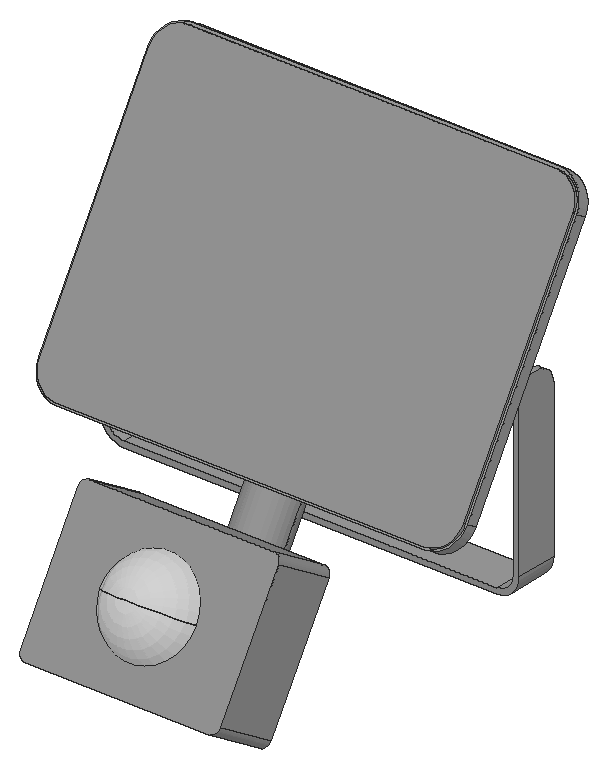
Revit family "0047967 Sylvania Lighting Fixture START eco Flood Flat IP54 PIR 2800lm 840", category Lighting Fixtures, host Face, Revit 2016
Family settings
  Host = Face
  Part Type = Normal
  Round Connector Dimension = Use Diameter
  OmniClass Number = 23.80.70.00
  OmniClass Title = Lighting
  Cut with Voids When Loaded = No
  Light Source = No
  Shared = No
  Room Calculation Point = No
Parameters (values of type "0047967 ST E FLD FLT IP54 PIR 2800LM 840")
  WidthBracketIn_SYL = if([10W_SYL], 102.2 mm, if([30W_SYL], 143.3 mm, if([50W_SYL], 181 mm, 262.8 mm)))  # 143.3 mm
  Weight = "4.88 kg"
  Wattage Comments = ""
  WarrantyStartDate [instance] = "n/a"
  WarrantyGuarantorParts = "n/a"
  WarrantyDurationUnit = "n/a"
  WarrantyDurationParts = "n/a"
  WarrantyDescription = "n/a"
  Voltage = 0 V
  URL = "http://www.sylvania-lighting.com"
  TypeName = "START eco Flood Flat IP54 PIR 2800lm 840"
  TypeLight_SYL = START eco Flood Flat Lamp : 0047967 ST E FLD FLT IP54 PIR 2800LM 840
  Type Image = <None>
  Type Comments = "n/a"
  ThicknessBracket_SYL = if([10W_SYL], 1.5 mm, 2 mm)  # 2 mm
  SerialNumber [instance] = "n/a"
  RotationAngle_SYL [instance] = 32.00°
  RadiusBracket_SYL = if([10W_SYL], 7.7 mm, if([30W_SYL], 8 mm, if([50W_SYL], 17 mm, 14 mm)))  # 8 mm
  RadiusBracketIn_SYL = RadiusBracket_SYL - ThicknessBracket_SYL  # 6 mm
  OffsetAxis_SYL = DepthBracket_SYL / 2  # 7.5 mm
  PowerFactor = 0.9
  PowerConsumption = "31 W"
  NominalLength = 156 mm
  NominalHeight = 67 mm
  NominalDepth = 178 mm
  Name = "START eco Flood Flat IP54 PIR 2800lm 840"
  ModelReference = Name  # "START eco Flood Flat IP54 PIR 2800lm 840"
  ModelNumber = "0047967"
  Model = Name  # "START eco Flood Flat IP54 PIR 2800lm 840"
  Material = "adc12 housing"
  ManufacturerName = "Feilo Sylvania"
  Manufacturer = "Feilo Sylvania"
  LuminousEfficacy = "92 lm/W"
  LuminaireType = ""
  LightOutputRatio = "n/a"
  LampsType = Lamp  # "LED"
  LampNominalLuminous = "2850 lm"
  LampMacAdamStep = "n/a"
  LampColourTemperature = "4000 K"
  LampColourRenderingIndex = "80"
  Lamp = "LED"
  Keynote = "16500"
  InstallationDate [instance] = "n/a"
  InputVoltage = "n/a"
  InputNominalFrequency = "n/a"
  IngressProtection = "IP54"
  ImpactProtectionIndex = "IK05"
  IfcExportType = "IfcLightFixtureType"
  IfcExportAs = "IfcLightFixtureType"
  HeightBracket_SYL = if([10W_SYL], 55 mm, if([30W_SYL], 70 mm, if([50W_SYL], 110 mm, 141 mm)))  # 70 mm
  ExpectedLife = 30000
  EndAngle_SYL [instance] = RotationAngle_SYL + 180.00°  # 212.00°
  ElectricShockClassification = "Class I"
  DurationUnit = "hours"
  DocumentationLiterature = "http://www.sylvania-lighting.com/product/en-int/products/0047967"
  DimmingControlOptions = "n/a"
  Description = "The new Start eco Flood Flat comes with improved design. The streamlined, durable, lightweight die-cast aluminium body makes it a perfect choice for building facades, car parks, garages and construction areas. The product includes 1 m pre-wired stripped cable and fitting bracket for quick and easy installation and the universal mounting bracket allows wall or surface mounting with the possibility of vertical tilting. Black die-cast aluminum housing, white reflector, 2850 lm, 31 W, 92 lm/W, 4000K, drive current 116 mA, non dimmable, CRI>80, IP54, IK06 - fixture, IK05 - sensor, Class I, lumen maintenance L70:B50: 30000 hrs, 156 x 178 x 67 mm (L x W x H). Weight: 0.61kg.  PIR sensor included. Energy class: A++ A+ A."
  DepthBracket_SYL = if([10W_SYL], 15 mm, if([30W_SYL], 15 mm, if([50W_SYL], 17 mm, 25 mm)))  # 15 mm
  Default Elevation = 1219.2 mm
  CreatedOn = "10/8/2018"
  CreatedBy = "@sylvania-lighting.com"
  Cost = 0
  built-in parameter 1114216 [instance] = (empty or 0)
  ClassificationValue = "EF_70_80"
  ClassificationName = "Uniclass2015"
  Material_1_SYL = Body-Sylvania-FloodFlat-Black
  BarCode [instance] = "n/a"
  AssetType = "Fixed"
  AssetIdentifier [instance] = "n/a"
  Assembly Code = "D5020200"
  Apparent Load = 31 VA
  50W_SYL = no
  30W_SYL = yes
  10W_SYL = no
Reference planes
  plane 1 "Center (Front/Back)": y = 0
  plane 2: z = 0
  plane 3 "Center (Left/Right)": x = 0
  plane 4: x = -73.65
  plane 5: x = 73.65
  plane 6: z = 70
  plane 7: z = 62.5
  plane 8: x = -71.65
  plane 9: x = 71.65
  plane 10: z = 2
  plane 11: y = 7.5
  plane 12: y = -7.5
  plane 13: x = -65.65
  plane 14: z = 8
  plane 15: x = 65.65
  plane 16: y = -9.5
  plane 17: z = 72
  plane 18: y = 9.5
Forms (mm)
  Extrusion 1, solid, material "Body-Sylvania-FloodFlat-Black" <- "Material_1_SYL"
    sketch origin (0, 0, 0) x (1, 0, 0) y (0, 0, 1)
      loop
        line (-71.65, 70) -> (-73.65, 70) -> (-73.65, 8)
        arc (-73.65, 8) -> (-71.307, 2.343) -> (-65.65, 0) r 8
        line (-65.65, 0) -> (65.65, 0)
        arc (65.65, 0) -> (71.307, 2.343) -> (73.65, 8) r 8
        line (73.65, 8) -> (73.65, 70) -> (71.65, 70) -> (71.65, 8)
        arc (71.65, 8) -> (69.893, 3.757) -> (65.65, 2) r 6
        line (65.65, 2) -> (-65.65, 2)
        arc (-65.65, 2) -> (-69.893, 3.757) -> (-71.65, 8) r 6
        line (-71.65, 8) -> (-71.65, 70)
    from -7.5 to 7.5
  Extrusion 2, void
    sketch origin (0, 0, 0) x (0, 1, 0) y (0, 0, 1)
      loop
        line (7.5, 62.5) -> (9.5, 62.5) -> (9.5, 72) -> (-9.5, 72) -> (-9.5, 62.5) -> (-7.5, 62.5)
        arc (-7.5, 62.5) -> (0, 70) -> (7.5, 62.5) r 7.5
    from -73.65 to 73.65
  Revolve 3, solid, not visible
    sketch origin (0, 0, 0) x (1, 0, 0) y (0, 0, 1)
      loop
        line (0, 62.5) -> (0, 70) -> (-12.336, 70) -> (-12.336, 62.5) -> (0, 62.5)
      axis (0, 62.5) -> (-12.336, 62.5)
    angle from 32 <- "RotationAngle_SYL" to 212 <- "EndAngle_SYL"
Cuts and joins
  Extrusion 2 cuts Extrusion 1
Dimensions and locks
  equal spacing: plane 9, plane 3 "Center (Left/Right)", plane 8
  "WidthBracketIn_SYL": plane 9 to plane 8
  "ThicknessBracket_SYL": plane 8 to plane 4
  "ThicknessBracket_SYL": plane 5 to plane 9
  "ThicknessBracket_SYL": plane 10 to plane 2
  equal spacing: plane 12, plane 1 "Center (Front/Back)", plane 11
  "DepthBracket_SYL": plane 12 to plane 11
  "OffsetAxis_SYL": plane 7 to plane 6
  "HeightBracket_SYL": plane 6 to plane 2
  "RadiusBracket_SYL": plane 14 to plane 2
  equal spacing: plane 15, plane 3 "Center (Left/Right)", plane 13
  "RadiusBracket_SYL": plane 13 to plane 4
  equal spacing: plane 16, plane 1 "Center (Front/Back)", plane 18
  locked: plane 16 to plane 12 at 2
  locked: plane 6 to plane 17 at 2
  "RadiusBracket_SYL": radius of Extrusion 1 sketch curve  (x2)
  "RadiusBracketIn_SYL": radius of Extrusion 1 sketch curve  (x2)
  aligned and locked: plane 2 to host face
  aligned and locked: level to host face
  aligned and locked: Extrusion 1 sketch curve to plane 6  (x2)
  aligned and locked: Extrusion 1 sketch curve to plane 4
  aligned and locked: plane 5 to Extrusion 1 sketch curve
  aligned and locked: Extrusion 1 sketch curve to plane 9
  aligned and locked: Extrusion 1 sketch curve to plane 2
  aligned and locked: plane 13 to Extrusion 1 sketch curve
  aligned and locked: plane 14 to Extrusion 1 sketch curve  (x2)
  aligned and locked: plane 15 to Extrusion 1 sketch curve
  aligned and locked: Extrusion 1 to plane 11
  aligned and locked: plane 12 to Extrusion 1
  aligned and locked: plane 11 to Extrusion 2 sketch curve
  aligned and locked: plane 1 "Center (Front/Back)" to Extrusion 2 sketch curve
  aligned and locked: plane 7 to Extrusion 2 sketch curve
  aligned and locked: plane 17 to Extrusion 2 sketch curve
  aligned and locked: plane 18 to Extrusion 2 sketch curve
  aligned and locked: Extrusion 2 sketch curve to plane 16
  aligned and locked: Extrusion 2 sketch curve to plane 7  (x2)
  aligned and locked: plane 5 to Extrusion 2
  aligned and locked: Extrusion 2 to plane 4
  aligned and locked: Revolve 3 sketch curve to plane 7  (x2)
  aligned and locked: Revolve 3 sketch curve to plane 3 "Center (Left/Right)"
  aligned and locked: plane 6 to Revolve 3 sketch curve
  aligned and locked: plane 3 "Center (Left/Right)" to nested 1
Automatic sketch dimensions
  host sketch curve to host sketch curve = 2438.4 mm  (x2)
  Revolve 3 sketch curve to plane 3 "Center (Left/Right)" = 12.336 mm
  Revolve 3 sketch curve to plane 4 = 1122.5 mm
  plane 5 to Revolve 3 sketch curve = 1130.9 mm
Nested families
  nested 1: "START eco Flood Flat Lamp" at (0, 3.021, 67.334) x (1, 0, 0) z (0, -0.848, 0.5299), type <- "TypeLight_SYL", type "0047967 ST E FLD FLT IP54 PIR 2800LM 840"
    with built-in parameter 1114216 (empty or 0)
Connectors
  electrical at (0, 0, 0), driven by "Apparent Load", driven by "PowerFactor", driven by "Voltage"
    settings: index 1, voltage 0 V, apparent load 31 VA, apparent load phase1 0 VA, apparent load phase2 0 VA, apparent load phase3 0 VA, power factor 0.9, load classification "Lighting", number of poles 1, system type 30, power factor state 1, is connector primary yes, connector utility no, sub classification motor no, connector description ""
Definition of nested family "START eco Flood Flat Lamp"
  Parameters (values of type "0047977 ST E FLD FLT IP65 9000LM 840")
    Width_SYL = if([10W_SYL], 110 mm, if([30W_SYL], 151 mm, if([50W_SYL], 189 mm, 275 mm)))  # 275 mm
    WidthLEDBoard_SYL = if([10W_SYL], 40 mm, if([30W_SYL], 83 mm, if([50W_SYL], 80 mm, 180 mm)))  # 180 mm
    WidthVignette_SYL = if([10W_SYL], 78.6 mm, if([30W_SYL], 120 mm, if([50W_SYL], 157 mm, 226 mm)))  # 226 mm
    WidthBoltHousing_SYL = 4 * OffsetBoltHousing_SYL  # 24.5 mm
    Wattage Comments = "n/a"
    Wattage = 100 W
    built-in parameter 1150110 = 1 (stored number, unit not read)
    URL = "http://www.sylvania-lighting.com"
    Type Image = (empty or 0)
    Type Comments = "n/a"
    built-in parameter 1114217 = 1 (stored number, unit not read)
    Tilt Angle = -90.00°
    ThicknessScreen_SYL = if([10W_SYL], 5 mm, if([30W_SYL], 5.2 mm, if([50W_SYL], 5.4 mm, 6.1 mm)))  # 6.1 mm
    ThicknessDiffuser_SYL = 0.8 mm  # constant formula
    built-in parameter 1150109 = 1 (stored number, unit not read)
    built-in parameter 1150134 = 12
    built-in parameter 1150113 = 1 (stored number, unit not read)
    RotationAxisFromTop_SYL = if([10W_SYL], 48.8 mm, if([30W_SYL], 61.7 mm, if([50W_SYL], 91.3 mm, 133.4 mm)))  # 133.4 mm
    RadiusLEDBoard_SYL = if([10W_SYL], 1.5 mm, if([30W_SYL], 2 mm, if([50W_SYL], 1.9 mm, 3.7 mm)))  # 3.7 mm
    RadiusDiffuser_SYL = RadiusCorners_SYL - ThicknessDiffuser_SYL  # 13.4 mm
    RadiusCorners_SYL = if([10W_SYL], 10.5 mm, if([30W_SYL], 10.7 mm, if([50W_SYL], 10.7 mm, 14.2 mm)))  # 14.2 mm
    RadiusBoltHousing_SYL = if([10W_SYL], 4.1 mm, if([30W_SYL], 4.9 mm, if([50W_SYL], 5 mm, 8.1 mm)))  # 8.1 mm
    RadiusBack_SYL = RadiusCorners_SYL - OffsetXBack_SYL / 3  # 10.117 mm
    RadiusBackB_SYL = RadiusBack_SYL - OffsetXBackB_SYL  # 7.054 mm
    Photometric Web File = "0047977.ies"
    PIR_SYL = no
    PIRHolderRadius_SYL = PIRBaseFillet_SYL + 2 mm  # 11 mm
    PIRFillet_SYL = 3 mm  # constant formula
    PIRBaseWidth_SYL = 38 mm
    PIRBaseFillet_SYL = PIRBaseDepth_SYL / 2  # 9 mm
    PIRBaseDepth_SYL = 18 mm
    OffsetYBack_SYL = (Height_SYL - HeightVignette_SYL) / 4  # 11 mm
    OffsetYBackB_SYL = OffsetYBack_SYL / 4  # 2.75 mm
    OffsetXBack_SYL = (Width_SYL - WidthVignette_SYL) / 4  # 12.25 mm
    OffsetXBackB_SYL = OffsetXBack_SYL / 4  # 3.063 mm
    OffsetBoltHousing_SYL = OffsetXBack_SYL / 2  # 6.125 mm
    Material_7_SYL = none
    Material_6_SYL = none
    Material_5_SYL = none
    Material_3_SYL = none
    Model = "START eco Flood Flat IP65 9000lm 840"
    Manufacturer = "Feilo Sylvania"
    built-in parameter 1150105 = 3437 (stored number, unit not read)
    Lumens = 9500 lm
    built-in parameter 1150115 = 1 (stored number, unit not read)
    built-in parameter 1150137 = (empty or 0)
    built-in parameter 1150139 = (empty or 0)
    built-in parameter 1150112 = 1 (stored number, unit not read)
    built-in parameter 1150114 = 1 (stored number, unit not read)
    Lamp = "LED"
    Keynote = "16500"
    Material_2_SYL = none
    InsertionPlaneFromTop_SYL = if([10W_SYL], 15.1 mm, if([30W_SYL], 14.5 mm, if([50W_SYL], 14.8 mm, 19.3 mm)))  # 19.3 mm
    built-in parameter 1150132 = (empty or 0)
    built-in parameter 1150102 = (empty or 0)
    built-in parameter 1150107 = 4000 (stored number, unit not read)
    built-in parameter 1150138 = (empty or 0)
    built-in parameter 1150106 = 34.37 (stored number, unit not read)
    Height_SYL = if([10W_SYL], 81.6 mm, if([30W_SYL], 112 mm, if([50W_SYL], 140.5 mm, 211 mm)))  # 211 mm
    HeightVignette_SYL = if([10W_SYL], 50 mm, if([30W_SYL], 81 mm, if([50W_SYL], 110 mm, 167 mm)))  # 167 mm
    HeightLEDBoard_SYL = if([10W_SYL], 25 mm, if([30W_SYL], 39 mm, if([50W_SYL], 56 mm, 132 mm)))  # 132 mm
    Emit from Rectangle Width = HeightVignette_SYL - 2 * RadiusVignette_SYL  # 146.2 mm
    Emit from Rectangle Length = WidthVignette_SYL - 2 * RadiusVignette_SYL  # 205.2 mm
    Emit Shape Visible in Rendering = no
    built-in parameter 1150104 = 8.8258 (stored number, unit not read)
    Dimming Lamp Color Temperature Shift = (empty or 0)
    DepthLEDBoard_SYL = (ThicknessScreen_SYL + DepthBack_SYL) / 9  # 2.289 mm
    DepthBack_SYL = if([10W_SYL], 10.2 mm, if([30W_SYL], 14.7 mm, if([50W_SYL], 16.9 mm, 14.5 mm)))  # 14.5 mm
    RadiusVignette_SYL = if([10W_SYL], 4.1 mm, if([30W_SYL], 4.1 mm, if([50W_SYL], 4.1 mm, 10.4 mm)))  # 10.4 mm
    Description = "The new Start eco Flood Flat comes with improved design. The streamlined, durable, lightweight die-cast aluminium body makes it a perfect choice for building facades, car parks, garages and construction areas. The product includes 1 m pre-wired stripped cable and fitting bracket for quick and easy installation and the universal mounting bracket allows wall or surface mounting with the possibility of vertical tilting. Black die-cast aluminum housing, white reflector, 9500 lm, 100 W, 95 lm/W, 4000K, drive current 386 mA, non dimmable, CRI>80, IP65, IK07, Class I, lumen maintenance L70:B50: 30000 hrs, 283 x 263 x 44 mm (L x W x H). Weight: 1.775kg. Energy class: A++ A+ A."
    DepthReflector_SYL = (ThicknessScreen_SYL + DepthBack_SYL) / 2  # 10.3 mm
    Default Elevation = 1219.2 mm
    Cost = 0
    Color Filter = 16777215
    built-in parameter 1114216 [instance] = (empty or 0)
    Material_1_SYL = none
    built-in parameter 1114218 = 1 (stored number, unit not read)
    built-in parameter 1150133 = 10 (stored number, unit not read)
    Assembly Code = "D5020200"
    Apparent Load = 100 VA
    Material_4_SYL = none
    50W_SYL = no
    30W_SYL = no
    10W_SYL = no
  Types (16, lengths in mm): name | Width_SYL | WidthLEDBoard_SYL | WidthVignette_SYL | WidthBoltHousing_SYL | Wattage | ThicknessScreen_SYL | built-in parameter 1150134 | RotationAxisFromTop_SYL | RadiusLEDBoard_SYL | RadiusDiffuser_SYL | RadiusCorners_SYL | RadiusBoltHousing_SYL | RadiusBack_SYL | RadiusBackB_SYL | Photometric Web File | PIR_SYL | OffsetYBack_SYL | OffsetYBackB_SYL | OffsetXBack_SYL | OffsetXBackB_SYL | OffsetBoltHousing_SYL | Model | built-in parameter 1150105 | Lumens | InsertionPlaneFromTop_SYL | built-in parameter 1150107 | built-in parameter 1150106 | Height_SYL | HeightVignette_SYL | HeightLEDBoard_SYL | Emit from Rectangle Width | Emit from Rectangle Length | built-in parameter 1150104 | DepthLEDBoard_SYL | DepthBack_SYL | RadiusVignette_SYL | Description | DepthReflector_SYL | Apparent Load | 50W_SYL | 30W_SYL | 10W_SYL
    0047977 ST E FLD FLT IP65 9000LM 840 | 275 | 180 | 226 | 24.5 | 100 W | 6.1 | 12 | 133.4 | 3.7 | 13.4 | 14.2 | 8.1 | 10.117 | 7.054 | "0047977.ies" | no | 11 | 2.75 | 12.25 | 3.063 | 6.125 | "START eco Flood Flat IP65 9000lm 840" | 3437 (stored number, unit not read) | 9500 lm | 19.3 | 4000 (stored number, unit not read) | 34.37 (stored number, unit not read) | 211 | 167 | 132 | 146.2 | 205.2 | 8.8258 (stored number, unit not read) | 2.289 | 14.5 | 10.4 | "The new Start eco Flood Flat comes with improved design. The streamlined, durable, lightweight die-cast aluminium body makes it a perfect choice for building facades, car parks, garages and construction areas. The product includes 1 m pre-wired stripped cable and fitting bracket for quick and easy installation and the universal mounting bracket allows wall or surface mounting with the possibility of vertical tilting. Black die-cast aluminum housing, white reflector, 9500 lm, 100 W, 95 lm/W, 4000K, drive current 386 mA, non dimmable, CRI>80, IP65, IK07, Class I, lumen maintenance L70:B50: 30000 hrs, 283 x 263 x 44 mm (L x W x H). Weight: 1.775kg. Energy class: A++ A+ A." | 10.3 | 100 VA | no | no | no
    0047976 ST E FLD FLT IP65 9000LM 830 | 275 | 180 | 226 | 24.5 | 100 W | 6.1 | (empty or 0) | 133.4 | 3.7 | 13.4 | 14.2 | 8.1 | 10.117 | 7.054 | "0047976.ies" | no | 11 | 2.75 | 12.25 | 3.063 | 6.125 | "START eco Flood Flat IP65 9000lm 830" | 3256.1 (stored number, unit not read) | 9000 lm | 19.3 | 3000 (stored number, unit not read) | 32.561 (stored number, unit not read) | 211 | 167 | 132 | 146.2 | 205.2 | 8.3613 (stored number, unit not read) | 2.289 | 14.5 | 10.4 | "The new Start eco Flood Flat comes with improved design. The streamlined, durable, lightweight die-cast aluminium body makes it a perfect choice for building facades, car parks, garages and construction areas. The product includes 1 m pre-wired stripped cable and fitting bracket for quick and easy installation and the universal mounting bracket allows wall or surface mounting with the possibility of vertical tilting. Black die-cast aluminum housing, white reflector, 9000 lm, 100 W, 90 lm/W, 3000K, drive current 386 mA, non dimmable, CRI>80, IP65, IK07, Class I, lumen maintenance L70:B50: 30000 hrs, 283 x 263 x 44 mm (L x W x H). Weight: 1.775kg. Energy class: A++ A+ A." | 10.3 | 100 VA | no | no | no
    0047973 ST E FLD FLT IP65 6500LM 840 | 275 | 180 | 226 | 24.5 | 70 W | 6.1 | 12 | 133.4 | 3.7 | 13.4 | 14.2 | 8.1 | 10.117 | 7.054 | "0047973.ies" | no | 11 | 2.75 | 12.25 | 3.063 | 6.125 | "START eco Flood Flat IP65 6500lm 840" | 2460.1 (stored number, unit not read) | 6650 lm | 19.3 | 4000 (stored number, unit not read) | 24.601 (stored number, unit not read) | 211 | 167 | 132 | 146.2 | 205.2 | 8.8258 (stored number, unit not read) | 2.289 | 14.5 | 10.4 | "The new Start eco Flood Flat comes with improved design. The streamlined, durable, lightweight die-cast aluminium body makes it a perfect choice for building facades, car parks, garages and construction areas. The product includes 1 m pre-wired stripped cable and fitting bracket for quick and easy installation and the universal mounting bracket allows wall or surface mounting with the possibility of vertical tilting. Black die-cast aluminum housing, white reflector, 6650 lm, 70 W, 95 lm/W, 4000K, drive current 270 mA, non dimmable, CRI>80, IP65, IK07, Class I, lumen maintenance L70:B50: 30000 hrs, 283 x 263 x 44 mm (L x W x H). Weight: 1.775kg. Energy class: A++ A+ A." | 10.3 | 70 VA | no | no | no
    0047972 ST E FLD FLT IP65 6500LM 830 | 275 | 180 | 226 | 24.5 | 70 W | 6.1 | (empty or 0) | 133.4 | 3.7 | 13.4 | 14.2 | 8.1 | 10.117 | 7.054 | "0047972.ies" | no | 11 | 2.75 | 12.25 | 3.063 | 6.125 | "START eco Flood Flat IP65 6500lm 830" | 2330.6 (stored number, unit not read) | 6300 lm | 19.3 | 3000 (stored number, unit not read) | 23.306 (stored number, unit not read) | 211 | 167 | 132 | 146.2 | 205.2 | 8.3613 (stored number, unit not read) | 2.289 | 14.5 | 10.4 | "The new Start eco Flood Flat comes with improved design. The streamlined, durable, lightweight die-cast aluminium body makes it a perfect choice for building facades, car parks, garages and construction areas. The product includes 1 m pre-wired stripped cable and fitting bracket for quick and easy installation and the universal mounting bracket allows wall or surface mounting with the possibility of vertical tilting. Black die-cast aluminum housing, white reflector, 6300 lm, 70 W, 90 lm/W, 3000K, drive current 270 mA, non dimmable, CRI>80, IP65, IK07, Class I, lumen maintenance L70:B50: 30000 hrs, 283 x 263 x 44 mm (L x W x H). Weight: 1.775kg. Energy class: A++ A+ A." | 10.3 | 70 VA | no | no | no
    0047971 ST E FLD FLT IP54 PIR 4500LM 840 | 189 | 80 | 157 | 16 | 51 W | 5.4 | 12 | 91.3 | 1.9 | 9.9 | 10.7 | 5 | 8.033 | 6.033 | "0047971.ies" | yes | 7.625 | 1.906 | 8 | 2 | 4 | "START eco Flood Flat IP54 PIR 4500lm 840" | 1695.8 (stored number, unit not read) | 4743 lm | 14.8 | 4000 (stored number, unit not read) | 16.958 (stored number, unit not read) | 140.5 | 110 | 56 | 101.8 | 148.8 | 8.64 (stored number, unit not read) | 2.478 | 16.9 | 4.1 | "The new Start eco Flood Flat comes with improved design. The streamlined, durable, lightweight die-cast aluminium body makes it a perfect choice for building facades, car parks, garages and construction areas. The product includes 1 m pre-wired stripped cable and fitting bracket for quick and easy installation and the universal mounting bracket allows wall or surface mounting with the possibility of vertical tilting. Black die-cast aluminum housing, white reflector, 4750 lm, 51 W, 93 lm/W, 4000K, drive current 193 mA, non dimmable, CRI>80, IP54, IK07 - fixture, IK05 - sensor, Class I, lumen maintenance L70:B50: 30000 hrs, 193 x 216 x 70 mm (L x W x H). Weight: 0.85kg.  PIR sensor included. Energy class: A++ A+ A." | 11.15 | 51 VA | yes | no | no
    0047970 ST E FLD FLT IP54 PIR 4500LM 830 | 189 | 80 | 157 | 16 | 51 W | 5.4 | (empty or 0) | 91.3 | 1.9 | 9.9 | 10.7 | 5 | 8.033 | 6.033 | "0047970.ies" | yes | 7.625 | 1.906 | 8 | 2 | 4 | "START eco Flood Flat IP54 PIR 4500lm 830" | 1604.6 (stored number, unit not read) | 4488 lm | 14.8 | 3000 (stored number, unit not read) | 16.046 (stored number, unit not read) | 140.5 | 110 | 56 | 101.8 | 148.8 | 8.1755 (stored number, unit not read) | 2.478 | 16.9 | 4.1 | "The new Start eco Flood Flat comes with improved design. The streamlined, durable, lightweight die-cast aluminium body makes it a perfect choice for building facades, car parks, garages and construction areas. The product includes 1 m pre-wired stripped cable and fitting bracket for quick and easy installation and the universal mounting bracket allows wall or surface mounting with the possibility of vertical tilting. Black die-cast aluminum housing, white reflector, 4500 lm, 51 W, 88 lm/W, 3000K, drive current 193 mA, non dimmable, CRI>80, IP54, IK07 - fixture, IK05 - sensor, Class I, lumen maintenance L70:B50: 30000 hrs, 193 x 216 x 70 mm (L x W x H). Weight: 0.85kg.  PIR sensor included. Energy class: A++ A+ A." | 11.15 | 51 VA | yes | no | no
    0047969 ST E FLD FLT IP65 4500LM 840 | 189 | 80 | 157 | 16 | 50 W | 5.4 | 12 | 91.3 | 1.9 | 9.9 | 10.7 | 5 | 8.033 | 6.033 | "0047969.ies" | no | 7.625 | 1.906 | 8 | 2 | 4 | "START eco Flood Flat IP65 4500lm 840" | 1698.3 (stored number, unit not read) | 4750 lm | 14.8 | 4000 (stored number, unit not read) | 16.983 (stored number, unit not read) | 140.5 | 110 | 56 | 101.8 | 148.8 | 8.8258 (stored number, unit not read) | 2.478 | 16.9 | 4.1 | "The new Start eco Flood Flat comes with improved design. The streamlined, durable, lightweight die-cast aluminium body makes it a perfect choice for building facades, car parks, garages and construction areas. The product includes 1 m pre-wired stripped cable and fitting bracket for quick and easy installation and the universal mounting bracket allows wall or surface mounting with the possibility of vertical tilting. Black die-cast aluminum housing, white reflector, 4750 lm, 50 W, 95 lm/W, 4000K, drive current 193 mA, non dimmable, CRI>80, IP65, IK07, Class I, lumen maintenance L70:B50: 30000 hrs, 193 x 190 x 48 mm (L x W x H). Weight: 0.785kg. Energy class: A++ A+ A." | 11.15 | 50 VA | yes | no | no
    0047968 ST E FLD FLT IP65 4500LM 830 | 189 | 80 | 157 | 16 | 50 W | 5.4 | (empty or 0) | 91.3 | 1.9 | 9.9 | 10.7 | 5 | 8.033 | 6.033 | "0047968.ies" | no | 7.625 | 1.906 | 8 | 2 | 4 | "START eco Flood Flat IP65 4500lm 830" | 1608.9 (stored number, unit not read) | 4500 lm | 14.8 | 3000 (stored number, unit not read) | 16.089 (stored number, unit not read) | 140.5 | 110 | 56 | 101.8 | 148.8 | 8.3613 (stored number, unit not read) | 2.478 | 16.9 | 4.1 | "The new Start eco Flood Flat comes with improved design. The streamlined, durable, lightweight die-cast aluminium body makes it a perfect choice for building facades, car parks, garages and construction areas. The product includes 1 m pre-wired stripped cable and fitting bracket for quick and easy installation and the universal mounting bracket allows wall or surface mounting with the possibility of vertical tilting. Black die-cast aluminum housing, white reflector, 4500 lm, 50 W, 90 lm/W, 3000K, drive current 193 mA, non dimmable, CRI>80, IP65, IK07, Class I, lumen maintenance L70:B50: 30000 hrs, 193 x 190 x 48 mm (L x W x H). Weight: 0.785kg. Energy class: A++ A+ A." | 11.15 | 50 VA | yes | no | no
    0047967 ST E FLD FLT IP54 PIR 2800LM 840 | 151 | 83 | 120 | 15.5 | 31 W | 5.2 | 12 | 61.7 | 2 | 9.9 | 10.7 | 4.9 | 8.117 | 6.179 | "0047967.ies" | yes | 7.75 | 1.938 | 7.75 | 1.938 | 3.875 | "START eco Flood Flat IP54 PIR 2800lm 840" | 1045.5 (stored number, unit not read) | 2852 lm | 14.5 | 4000 (stored number, unit not read) | 10.455 (stored number, unit not read) | 112 | 81 | 39 | 72.8 | 111.8 | 8.5471 (stored number, unit not read) | 2.211 | 14.7 | 4.1 | "The new Start eco Flood Flat comes with improved design. The streamlined, durable, lightweight die-cast aluminium body makes it a perfect choice for building facades, car parks, garages and construction areas. The product includes 1 m pre-wired stripped cable and fitting bracket for quick and easy installation and the universal mounting bracket allows wall or surface mounting with the possibility of vertical tilting. Black die-cast aluminum housing, white reflector, 2850 lm, 31 W, 92 lm/W, 4000K, drive current 116 mA, non dimmable, CRI>80, IP54, IK06 - fixture, IK05 - sensor, Class I, lumen maintenance L70:B50: 30000 hrs, 156 x 178 x 67 mm (L x W x H). Weight: 0.61kg.  PIR sensor included. Energy class: A++ A+ A." | 9.95 | 31 VA | no | yes | no
    0047966 ST E FLD FLT IP54 PIR 2800LM 830 | 151 | 83 | 120 | 15.5 | 31 W | 5.2 | (empty or 0) | 61.7 | 2 | 9.9 | 10.7 | 4.9 | 8.117 | 6.179 | "0047966.ies" | yes | 7.75 | 1.938 | 7.75 | 1.938 | 3.875 | "START eco Flood Flat IP54 PIR 2800lm 830" | 988.72 (stored number, unit not read) | 2697 lm | 14.5 | 3000 (stored number, unit not read) | 9.8872 (stored number, unit not read) | 112 | 81 | 39 | 72.8 | 111.8 | 8.0826 (stored number, unit not read) | 2.211 | 14.7 | 4.1 | "The new Start eco Flood Flat comes with improved design. The streamlined, durable, lightweight die-cast aluminium body makes it a perfect choice for building facades, car parks, garages and construction areas. The product includes 1 m pre-wired stripped cable and fitting bracket for quick and easy installation and the universal mounting bracket allows wall or surface mounting with the possibility of vertical tilting. Black die-cast aluminum housing, white reflector, 2700 lm, 31 W, 87 lm/W, 3000K, drive current 116 mA, non dimmable, CRI>80, IP54, IK06 - fixture, IK05 - sensor, Class I, lumen maintenance L70:B50: 30000 hrs, 156 x 178 x 67 mm (L x W x H). Weight: 0.61kg.  PIR sensor included. Energy class: A++ A+ A." | 9.95 | 31 VA | no | yes | no
    0047965 ST E FLD FLT IP65 2800LM 840 | 151 | 83 | 120 | 15.5 | 30 W | 5.2 | 12 | 61.7 | 2 | 9.9 | 10.7 | 4.9 | 8.117 | 6.179 | "0047965.ies" | no | 7.75 | 1.938 | 7.75 | 1.938 | 3.875 | "START eco Flood Flat IP65 2800lm 840" | 1044.8 (stored number, unit not read) | 2850 lm | 14.5 | 4000 (stored number, unit not read) | 10.448 (stored number, unit not read) | 112 | 81 | 39 | 72.8 | 111.8 | 8.8258 (stored number, unit not read) | 2.211 | 14.7 | 4.1 | "The new Start eco Flood Flat comes with improved design. The streamlined, durable, lightweight die-cast aluminium body makes it a perfect choice for building facades, car parks, garages and construction areas. The product includes 1 m pre-wired stripped cable and fitting bracket for quick and easy installation and the universal mounting bracket allows wall or surface mounting with the possibility of vertical tilting. Black die-cast aluminum housing, white reflector, 2850 lm, 30 W, 95 lm/W, 4000K, drive current 116 mA, non dimmable, CRI>80, IP65, IK06, Class I, lumen maintenance L70:B50: 30000 hrs, 156 x 126 x 38 mm (L x W x H). Weight: 0.545kg. Energy class: A++ A+ A." | 9.95 | 30 VA | no | yes | no
    0047964 ST E FLD FLT IP65 2800LM 830 | 151 | 83 | 120 | 15.5 | 30 W | 5.2 | (empty or 0) | 61.7 | 2 | 9.9 | 10.7 | 4.9 | 8.117 | 6.179 | "0047964.ies" | no | 7.75 | 1.938 | 7.75 | 1.938 | 3.875 | "START eco Flood Flat IP65 2800lm 830" | 989.82 (stored number, unit not read) | 2700 lm | 14.5 | 3000 (stored number, unit not read) | 9.8982 (stored number, unit not read) | 112 | 81 | 39 | 72.8 | 111.8 | 8.3613 (stored number, unit not read) | 2.211 | 14.7 | 4.1 | "The new Start eco Flood Flat comes with improved design. The streamlined, durable, lightweight die-cast aluminium body makes it a perfect choice for building facades, car parks, garages and construction areas. The product includes 1 m pre-wired stripped cable and fitting bracket for quick and easy installation and the universal mounting bracket allows wall or surface mounting with the possibility of vertical tilting. Black die-cast aluminum housing, white reflector, 2700 lm, 30 W, 90 lm/W, 3000K, drive current 116 mA, non dimmable, CRI>80, IP65, IK06, Class I, lumen maintenance L70:B50: 30000 hrs, 156 x 126 x 38 mm (L x W x H). Weight: 0.545kg. Energy class: A++ A+ A." | 9.95 | 30 VA | no | yes | no
    0047963 ST E FLD FLT IP54 PIR 900LM 840 | 110 | 40 | 78.6 | 15.7 | 11 W | 5 | 12 | 48.8 | 1.5 | 9.7 | 10.5 | 4.1 | 7.883 | 5.921 | "0047963.ies" | yes | 7.9 | 1.975 | 7.85 | 1.963 | 3.925 | "START eco Flood Flat IP54 PIR 900lm 840" | 365.78 (stored number, unit not read) | 946 lm | 15.1 | 4000 (stored number, unit not read) | 3.6578 (stored number, unit not read) | 81.6 | 50 | 25 | 41.8 | 70.4 | 7.9897 (stored number, unit not read) | 1.689 | 10.2 | 4.1 | "The new Start eco Flood Flat comes with improved design. The streamlined, durable, lightweight die-cast aluminium body makes it a perfect choice for building facades, car parks, garages and construction areas. The product includes 1 m pre-wired stripped cable and fitting bracket for quick and easy installation and the universal mounting bracket allows wall or surface mounting with the possibility of vertical tilting. Black die-cast aluminum housing, white reflector, 950 lm, 11 W, 86 lm/W, 4000K, drive current 38.6 mA, non dimmable, CRI>80, IP54, IK06 - fixture, IK05 - sensor, Class I, lumen maintenance L70:B50: 30000 hrs, 156 x 178 x 67 mm (L x W x H). Weight: 0.61kg.  PIR sensor included. Energy class: A++ A+ A." | 7.6 | 11 VA | no | no | yes
    0047962 ST E FLD FLT IP54 PIR 900LM 830 | 110 | 40 | 78.6 | 15.7 | 11 W | 5 | (empty or 0) | 48.8 | 1.5 | 9.7 | 10.5 | 4.1 | 7.883 | 5.921 | "0047962.ies" | yes | 7.9 | 1.975 | 7.85 | 1.963 | 3.925 | "START eco Flood Flat IP54 PIR 900lm 830" | 345.53 (stored number, unit not read) | 902 lm | 15.1 | 3000 (stored number, unit not read) | 3.4553 (stored number, unit not read) | 81.6 | 50 | 25 | 41.8 | 70.4 | 7.618 (stored number, unit not read) | 1.689 | 10.2 | 4.1 | "The new Start eco Flood Flat comes with improved design. The streamlined, durable, lightweight die-cast aluminium body makes it a perfect choice for building facades, car parks, garages and construction areas. The product includes 1 m pre-wired stripped cable and fitting bracket for quick and easy installation and the universal mounting bracket allows wall or surface mounting with the possibility of vertical tilting. Black die-cast aluminum housing, white reflector, 900 lm, 11 W, 82 lm/W, 3000K, drive current 38.6 mA, non dimmable, CRI>80, IP54, IK06 - fixture, IK05 - sensor, Class I, lumen maintenance L70:B50: 30000 hrs, 156 x 178 x 67 mm (L x W x H). Weight: 0.61kg.  PIR sensor included. Energy class: A++ A+ A." | 7.6 | 11 VA | no | no | yes
    0047961 ST E FLD FLT IP65 900LM 840 | 110 | 40 | 78.6 | 15.7 | 10 W | 5 | 12 | 48.8 | 1.5 | 9.7 | 10.5 | 4.1 | 7.883 | 5.921 | "0047961.ies" | no | 7.9 | 1.975 | 7.85 | 1.963 | 3.925 | "START eco Flood Flat IP65 900lm 840" | 367.33 (stored number, unit not read) | 950 lm | 15.1 | 4000 (stored number, unit not read) | 3.6733 (stored number, unit not read) | 81.6 | 50 | 25 | 41.8 | 70.4 | 8.8258 (stored number, unit not read) | 1.689 | 10.2 | 4.1 | "The new Start eco Flood Flat comes with improved design. The streamlined, durable, lightweight die-cast aluminium body makes it a perfect choice for building facades, car parks, garages and construction areas. The product includes 1 m pre-wired stripped cable and fitting bracket for quick and easy installation and the universal mounting bracket allows wall or surface mounting with the possibility of vertical tilting. Black die-cast aluminum housing, white reflector, 950 lm, 10 W, 95 lm/W, 4000K, drive current 38.6 mA, non dimmable, CRI>80, IP65, IK06, Class I, lumen maintenance L70:B50: 30000 hrs, 114 x 96 x 38 mm (L x W x H). Weight: 0.33kg. Energy class: A++ A+ A." | 7.6 | 10 VA | no | no | yes
    0047960 ST E FLD FLT IP65 900LM 830 | 110 | 40 | 78.6 | 15.7 | 10 W | 5 | (empty or 0) | 48.8 | 1.5 | 9.7 | 10.5 | 4.1 | 7.883 | 5.921 | "0047960.ies" | no | 7.9 | 1.975 | 7.85 | 1.963 | 3.925 | "START eco Flood Flat IP65 900lm 830" | 344.76 (stored number, unit not read) | 900 lm | 15.1 | 3000 (stored number, unit not read) | 3.4476 (stored number, unit not read) | 81.6 | 50 | 25 | 41.8 | 70.4 | 8.3613 (stored number, unit not read) | 1.689 | 10.2 | 4.1 | "The new Start eco Flood Flat comes with improved design. The streamlined, durable, lightweight die-cast aluminium body makes it a perfect choice for building facades, car parks, garages and construction areas. The product includes 1 m pre-wired stripped cable and fitting bracket for quick and easy installation and the universal mounting bracket allows wall or surface mounting with the possibility of vertical tilting. Black die-cast aluminum housing, white reflector, 900 lm, 10 W, 90 lm/W, 3000K, drive current 38.6 mA, non dimmable, CRI>80, IP65, IK06, Class I, lumen maintenance L70:B50: 30000 hrs, 114 x 96 x 38 mm (L x W x H). Weight: 0.33kg. Energy class: A++ A+ A." | 7.6 | 10 VA | no | no | yes
  Reference planes
    plane 1 "Center (Front/Back)": y = 0
    plane 2: z = 0
    plane 3 "Center (Left/Right)": x = 0
    plane 4: y = 105.5
    plane 5: y = -105.5
    plane 6: x = 137.5
    plane 7: x = -137.5
    plane 8: y = 83.5
    plane 9: y = -83.5
    plane 10: x = -113
    plane 11: x = 113
    plane 12: x = -123.3
    plane 13: y = 91.3
    plane 14: y = -91.3
    plane 15: x = 123.3
    plane 16: x = -102.6
    plane 17: y = 73.1
    plane 18: x = 102.6
    plane 19: y = -73.1
    plane 20: z = 19.3
    plane 21: z = 13.2
    plane 22: z = 9
    plane 23: z = -1.3
    plane 24: x = -125.25
    plane 25: y = 94.5
    plane 26: y = -94.5
    plane 27: x = 125.25
    plane 28: x = -122.187
    plane 29: x = 122.188
    plane 30: y = 91.75
    plane 31: y = -91.75
    plane 32: z = 18.5
    plane 33: x = -90
    plane 34: x = 90
    plane 35: y = 66
    plane 36: y = -66
    plane 37: z = 6.711
    plane 38: x = -136.7
    plane 39: y = 104.7
    plane 40: y = -104.7
    plane 41: x = 136.7
    plane 42: x = -131.375
    plane 43: x = 131.375
    plane 44: x = -106.875
    plane 45: x = 106.875
    plane 46 "RotationAxis": y = -27.9
    plane 47: y = -19.8
    plane 48: x = -19
    plane 49: x = 19
    plane 50: z = -10.3
    plane 51: z = 7.7
    plane 52: x = 10
    plane 53: x = -10
    plane 54: y = -155.5
    plane 55: y = -137.5
    plane 56: y = -146.5
    plane 57: x = -9
    plane 58: x = 9
    plane 59: y = -119.7
    plane 60: y = -173.3
    plane 61: x = -35.3
    plane 62: x = 35.3
    plane 63: z = 39.2
    plane 64: z = 33.7
  Forms (mm)
    Extrusion 1, solid
      sketch origin (4.2, 0, 0) x (1, 0, 0) y (0, 1, 0)
        loop
          line (-1219.2, 1219.2) -> (-1219.2, -1219.2) -> (1219.2, -1219.2) -> (1219.2, 1219.2) -> (-1219.2, 1219.2)
      from 0 to -68.017
    Extrusion 2, solid, material <- "Material_1_SYL"
      sketch origin (1223.4, -4572, 19.3) x (0, -1, 0) y (-1, 0, 0)
        loop
          line (-4677.5, 1346.7) -> (-4677.5, 1100.1)
          arc (-4677.5, 1100.1) -> (-4673.341, 1090.059) -> (-4663.3, 1085.9) r 14.2
          line (-4663.3, 1085.9) -> (-4480.7, 1085.9)
          arc (-4480.7, 1085.9) -> (-4470.659, 1090.059) -> (-4466.5, 1100.1) r 14.2
          line (-4466.5, 1100.1) -> (-4466.5, 1346.7)
          arc (-4466.5, 1346.7) -> (-4470.659, 1356.741) -> (-4480.7, 1360.9) r 14.2
          line (-4480.7, 1360.9) -> (-4663.3, 1360.9)
          arc (-4663.3, 1360.9) -> (-4673.341, 1356.741) -> (-4677.5, 1346.7) r 14.2
      from 6.1 to 0.8
    Blend 3, solid, material <- "Material_1_SYL"
      base sketch origin (1223.4, -4572, 13.2) x (0, -1, 0) y (1, 0, 0)
        loop
          arc (-4666.5, -1338.533) -> (-4663.537, -1345.687) -> (-4656.383, -1348.65) r 10.117
          line (-4656.383, -1348.65) -> (-4487.617, -1348.65)
          arc (-4487.617, -1348.65) -> (-4480.463, -1345.687) -> (-4477.5, -1338.533) r 10.117
          line (-4477.5, -1338.533) -> (-4477.5, -1108.267)
          arc (-4477.5, -1108.267) -> (-4480.463, -1101.113) -> (-4487.617, -1098.15) r 10.117
          line (-4487.617, -1098.15) -> (-4656.383, -1098.15)
          arc (-4656.383, -1098.15) -> (-4663.537, -1101.113) -> (-4666.5, -1108.267) r 10.117
          line (-4666.5, -1108.267) -> (-4666.5, -1338.533)
      top sketch origin (1223.4, -4572, 13.2) x (0, -1, 0) y (1, 0, 0)
        loop
          arc (-4663.75, -1338.533) -> (-4661.684, -1343.521) -> (-4656.696, -1345.588) r 7.054
          line (-4656.696, -1345.588) -> (-4487.304, -1345.588)
          arc (-4487.304, -1345.588) -> (-4482.316, -1343.521) -> (-4480.25, -1338.533) r 7.054
          line (-4480.25, -1338.533) -> (-4480.25, -1108.267)
          arc (-4480.25, -1108.267) -> (-4482.316, -1103.279) -> (-4487.304, -1101.213) r 7.054
          line (-4487.304, -1101.213) -> (-4656.696, -1101.213)
          arc (-4656.696, -1101.213) -> (-4661.684, -1103.279) -> (-4663.75, -1108.267) r 7.054
          line (-4663.75, -1108.267) -> (-4663.75, -1338.533)
      from 0 to -14.5
    Blend 4, void
      base sketch origin (1223.4, -4572, 18.5) x (-1, 0, 0) y (0, -1, 0)
        loop
          arc (1326, -4655.5) -> (1333.354, -4652.454) -> (1336.4, -4645.1) r 10.4
          line (1336.4, -4645.1) -> (1336.4, -4498.9)
          arc (1336.4, -4498.9) -> (1333.354, -4491.546) -> (1326, -4488.5) r 10.4
          line (1326, -4488.5) -> (1120.8, -4488.5)
          arc (1120.8, -4488.5) -> (1113.446, -4491.546) -> (1110.4, -4498.9) r 10.4
          line (1110.4, -4498.9) -> (1110.4, -4645.1)
          arc (1110.4, -4645.1) -> (1113.446, -4652.454) -> (1120.8, -4655.5) r 10.4
          line (1120.8, -4655.5) -> (1326, -4655.5)
      top sketch origin (1223.4, -4572, 18.5) x (0, -1, 0) y (1, 0, 0)
        loop
          arc (-4638, -1309.7) -> (-4636.916, -1312.316) -> (-4634.3, -1313.4) r 3.7
          line (-4634.3, -1313.4) -> (-4509.7, -1313.4)
          arc (-4509.7, -1313.4) -> (-4507.084, -1312.316) -> (-4506, -1309.7) r 3.7
          line (-4506, -1309.7) -> (-4506, -1137.1)
          arc (-4506, -1137.1) -> (-4507.084, -1134.484) -> (-4509.7, -1133.4) r 3.7
          line (-4509.7, -1133.4) -> (-4634.3, -1133.4)
          arc (-4634.3, -1133.4) -> (-4636.916, -1134.484) -> (-4638, -1137.1) r 3.7
          line (-4638, -1137.1) -> (-4638, -1309.7)
      from 0 to -9.5
    Extrusion 5, void
      sketch origin (1223.4, -4572, 9) x (-1, 0, 0) y (0, -1, 0)
        loop
          arc (1133.4, -4634.3) -> (1134.484, -4636.916) -> (1137.1, -4638) r 3.7
          line (1137.1, -4638) -> (1309.7, -4638)
          arc (1309.7, -4638) -> (1312.316, -4636.916) -> (1313.4, -4634.3) r 3.7
          line (1313.4, -4634.3) -> (1313.4, -4509.7)
          arc (1313.4, -4509.7) -> (1312.316, -4507.084) -> (1309.7, -4506) r 3.7
          line (1309.7, -4506) -> (1137.1, -4506)
          arc (1137.1, -4506) -> (1134.484, -4507.084) -> (1133.4, -4509.7) r 3.7
          line (1133.4, -4509.7) -> (1133.4, -4634.3)
      from 4.2 to -2.289
    Extrusion 6, solid, material <- "Material_3_SYL"
      sketch origin (1223.4, -4572, 19.3) x (0, -1, 0) y (-1, 0, 0)
        loop
          line (-4676.7, 1346.7) -> (-4676.7, 1100.1)
          arc (-4676.7, 1100.1) -> (-4672.775, 1090.625) -> (-4663.3, 1086.7) r 13.4
          line (-4663.3, 1086.7) -> (-4480.7, 1086.7)
          arc (-4480.7, 1086.7) -> (-4471.225, 1090.625) -> (-4467.3, 1100.1) r 13.4
          line (-4467.3, 1100.1) -> (-4467.3, 1346.7)
          arc (-4467.3, 1346.7) -> (-4471.225, 1356.175) -> (-4480.7, 1360.1) r 13.4
          line (-4480.7, 1360.1) -> (-4663.3, 1360.1)
          arc (-4663.3, 1360.1) -> (-4672.775, 1356.175) -> (-4676.7, 1346.7) r 13.4
      from 0 to 0.8
    Revolve 7, solid, material <- "Material_1_SYL"
      sketch origin (0, 0, 0) x (1, 0, 0) y (0, 1, 0)
        loop
          line (-131.375, -27.9) -> (-106.875, -27.9) -> (-106.875, -19.8) -> (-131.375, -19.8) -> (-131.375, -27.9)
        loop
          line (131.375, -27.9) -> (131.375, -19.8) -> (106.875, -19.8) -> (106.875, -27.9) -> (131.375, -27.9)
        axis (131.375, -27.9) -> (-131.375, -27.9)
      angle from 360 to 0
    Extrusion 8, solid, material <- "Material_1_SYL", visible <- "PIR_SYL"
      sketch origin (1524, -104.7, 1219.2) x (1, 0, 0) y (0, 0, 1)
        loop
          arc (-1514, -1229.5) -> (-1505, -1220.5) -> (-1514, -1211.5) r 9
          line (-1514, -1211.5) -> (-1534, -1211.5)
          arc (-1534, -1211.5) -> (-1543, -1220.5) -> (-1534, -1229.5) r 9
          line (-1534, -1229.5) -> (-1514, -1229.5)
      from 0 to -21.2
    Extrusion 9, solid, material <- "Material_6_SYL", visible <- "PIR_SYL"
      sketch origin (1524, -104.7, 1219.2) x (1, 0, 0) y (0, 0, 1)
        loop
          circle (-1524, -1220.5) r 9
      from 0 to 41.8
    Extrusion 10, solid, material <- "Material_6_SYL", visible <- "PIR_SYL"
      sketch origin (0, 0, 0) x (0, 1, 0) y (0, 0, 1)
        loop
          circle (-146.5, -1.3) r 11
      from -10 to 10
    Extrusion 11, solid, material <- "Material_6_SYL", visible <- "PIR_SYL"
      sketch origin (1223.4, -4572, -1.3) x (0, -1, 0) y (-1, 0, 0)
        loop
          circle (-4425.5, 1223.4) r 9
      from 0 to -14.5
    Extrusion 12, solid, material <- "Material_6_SYL", visible <- "PIR_SYL"
      sketch origin (1223.4, -4572, 13.2) x (0, -1, 0) y (-1, 0, 0)
        loop
          line (-4452.3, 1255.7) -> (-4452.3, 1191.1)
          arc (-4452.3, 1191.1) -> (-4451.421, 1188.979) -> (-4449.3, 1188.1) r 3
          line (-4449.3, 1188.1) -> (-4401.7, 1188.1)
          arc (-4401.7, 1188.1) -> (-4399.579, 1188.979) -> (-4398.7, 1191.1) r 3
          line (-4398.7, 1191.1) -> (-4398.7, 1255.7)
          arc (-4398.7, 1255.7) -> (-4399.579, 1257.821) -> (-4401.7, 1258.7) r 3
          line (-4401.7, 1258.7) -> (-4449.3, 1258.7)
          arc (-4449.3, 1258.7) -> (-4451.421, 1257.821) -> (-4452.3, 1255.7) r 3
      from 0 to -26
    Revolve 13, solid, material <- "Material_7_SYL", visible <- "PIR_SYL"
      sketch origin (0, -146.5, 2438.4) x (0, 0, 1) y (1, 0, 0)
        loop
          arc (-2387.2, 0) -> (-2390.514, 10.247) -> (-2399.2, 16.613) r 17.5
          line (-2399.2, 16.613) -> (-2399.2, 0) -> (-2387.2, 0)
        axis (-2399.2, 0) -> (-2387.2, 0)
      angle from 360 to 0
  Cuts and joins
    Blend 4, Extrusion 5 cuts Extrusion 2
    Blend 4, Extrusion 5 cuts Blend 3
    joined: Extrusion 2, Blend 3
  Lines and regions (mm)
    Split face 1
      outline origin (1223.4, -4572, 19.3) x (0, -1, 0) y (1, 0, 0)
        loop
          arc (-4655.5, -1326) -> (-4652.454, -1333.354) -> (-4645.1, -1336.4) r 10.4
          line (-4645.1, -1336.4) -> (-4498.9, -1336.4)
          arc (-4498.9, -1336.4) -> (-4491.546, -1333.354) -> (-4488.5, -1326) r 10.4
          line (-4488.5, -1326) -> (-4488.5, -1120.8)
          arc (-4488.5, -1120.8) -> (-4491.546, -1113.446) -> (-4498.9, -1110.4) r 10.4
          line (-4498.9, -1110.4) -> (-4645.1, -1110.4)
          arc (-4645.1, -1110.4) -> (-4652.454, -1113.446) -> (-4655.5, -1120.8) r 10.4
          line (-4655.5, -1120.8) -> (-4655.5, -1326)
  Dimensions and locks
    equal spacing: plane 5, plane 1 "Center (Front/Back)", plane 4
    "Height_SYL": plane 5 to plane 4
    equal spacing: plane 7, plane 3 "Center (Left/Right)", plane 6
    "Width_SYL": plane 7 to plane 6
    equal spacing: plane 10, plane 3 "Center (Left/Right)", plane 11
    equal spacing: plane 9, plane 1 "Center (Front/Back)", plane 8
    "HeightVignette_SYL": plane 9 to plane 8
    "WidthVignette_SYL": plane 10 to plane 11
    equal spacing: plane 12, plane 3 "Center (Left/Right)", plane 15
    equal spacing: plane 14, plane 1 "Center (Front/Back)", plane 13
    "RadiusCorners_SYL": plane 13 to plane 4
    "RadiusCorners_SYL": plane 7 to plane 12
    equal spacing: plane 16, plane 3 "Center (Left/Right)", plane 18
    equal spacing: plane 19, plane 1 "Center (Front/Back)", plane 17
    "RadiusVignette_SYL": plane 17 to plane 8
    "RadiusVignette_SYL": plane 18 to plane 11
    "InsertionPlaneFromTop_SYL": plane 20 to plane 2
    "ThicknessScreen_SYL": plane 20 to plane 21
    "DepthReflector_SYL": plane 20 to plane 22
    "DepthBack_SYL": plane 21 to plane 23
    equal spacing: plane 24, plane 3 "Center (Left/Right)", plane 27
    "OffsetXBack_SYL": plane 7 to plane 24
    equal spacing: plane 26, plane 1 "Center (Front/Back)", plane 25
    "OffsetYBack_SYL": plane 25 to plane 4
    equal spacing: plane 28, plane 3 "Center (Left/Right)", plane 29
    "OffsetXBackB_SYL": plane 24 to plane 28
    equal spacing: plane 31, plane 1 "Center (Front/Back)", plane 30
    "OffsetYBackB_SYL": plane 30 to plane 25
    "ThicknessDiffuser_SYL": plane 20 to plane 32
    equal spacing: plane 33, plane 3 "Center (Left/Right)", plane 34
    "WidthLEDBoard_SYL": plane 33 to plane 34
    equal spacing: plane 36, plane 1 "Center (Front/Back)", plane 35
    "HeightLEDBoard_SYL": plane 36 to plane 35
    "DepthLEDBoard_SYL": plane 22 to plane 37
    equal spacing: plane 38, plane 3 "Center (Left/Right)", plane 41
    "ThicknessDiffuser_SYL": plane 7 to plane 38
    equal spacing: plane 40, plane 1 "Center (Front/Back)", plane 39
    "ThicknessDiffuser_SYL": plane 5 to plane 40
    equal spacing: plane 43, plane 3 "Center (Left/Right)", plane 42
    "OffsetBoltHousing_SYL": plane 42 to plane 7
    equal spacing: plane 45, plane 3 "Center (Left/Right)", plane 44
    "WidthBoltHousing_SYL": plane 44 to plane 42
    "RotationAxisFromTop_SYL": plane 46 "RotationAxis" to plane 4
    "RadiusBoltHousing_SYL": plane 46 "RotationAxis" to plane 47
    equal spacing: plane 49, plane 3 "Center (Left/Right)", plane 48
    "PIRBaseWidth_SYL": plane 49 to plane 48
    equal spacing: plane 50, plane 23, plane 51
    equal spacing: plane 52, plane 3 "Center (Left/Right)", plane 53
    "PIRBaseFillet_SYL": plane 49 to plane 52
    "PIRBaseDepth_SYL": plane 50 to plane 51
    locked: plane 54 to plane 40 at 50.8
    "PIRBaseDepth_SYL": plane 55 to plane 54
    equal spacing: plane 54, plane 56, plane 55
    equal spacing: plane 57, plane 3 "Center (Left/Right)", plane 58
    "PIRBaseDepth_SYL": plane 57 to plane 58
    equal spacing: plane 61, plane 3 "Center (Left/Right)", plane 62
    locked: plane 61 to plane 62 at 70.6
    equal spacing: plane 59, plane 56, plane 60
    plane 59 to plane 60 = 53.6 mm
    locked: plane 21 to plane 63 at 26
    locked: plane 64 to plane 63 at 5.5
    "RadiusCorners_SYL": radius of Extrusion 2 sketch curve  (x4)
    "RadiusVignette_SYL": radius of Blend 4 sketch curve  (x4)
    "RadiusLEDBoard_SYL": radius of Blend 4 sketch curve  (x4)
    "RadiusDiffuser_SYL": radius of Extrusion 6 sketch curve  (x4)
    "RadiusBack_SYL": radius of Blend 3 sketch curve  (x4)
    "RadiusBackB_SYL": radius of Blend 3 sketch curve  (x4)
    "PIRBaseFillet_SYL": radius of Extrusion 9 sketch curve
    "PIRHolderRadius_SYL": radius of Extrusion 10 sketch curve
    "PIRBaseFillet_SYL": radius of Extrusion 11 sketch curve
    "PIRFillet_SYL": radius of Extrusion 12 sketch curve  (x4)
    aligned and locked: plane 2 to Extrusion 1
    aligned and locked: level to Extrusion 1
    aligned and locked: plane 4 to Extrusion 2 sketch curve
    aligned and locked: plane 7 to Extrusion 2 sketch curve
    aligned and locked: Extrusion 2 sketch curve to plane 5
    aligned and locked: Extrusion 2 sketch curve to plane 6
    aligned and locked: plane 12 to Extrusion 2 sketch curve
    aligned and locked: plane 14 to Extrusion 2 sketch curve
    aligned and locked: plane 15 to Extrusion 2 sketch curve
    aligned and locked: plane 13 to Extrusion 2 sketch curve
    aligned and locked: plane 21 to Extrusion 2
    aligned and locked: Blend 3 sketch curve to plane 25
    aligned and locked: Blend 3 sketch curve to plane 24
    aligned and locked: plane 26 to Blend 3 sketch curve
    aligned and locked: plane 27 to Blend 3 sketch curve
    aligned and locked: Blend 3 sketch curve to plane 30
    aligned and locked: Blend 3 sketch curve to plane 28
    aligned and locked: plane 31 to Blend 3 sketch curve
    aligned and locked: plane 29 to Blend 3 sketch curve
    aligned and locked: plane 23 to Blend 3
    aligned and locked: Blend 3 to plane 21
    aligned and locked: Extrusion 2 to plane 32
    aligned and locked: plane 8 to Blend 4 sketch curve
    aligned and locked: plane 10 to Blend 4 sketch curve
    aligned and locked: Blend 4 sketch curve to plane 9
    aligned and locked: Blend 4 sketch curve to plane 11
    aligned and locked: plane 35 to Blend 4 sketch curve
    aligned and locked: plane 33 to Blend 4 sketch curve
    aligned and locked: Blend 4 sketch curve to plane 36
    aligned and locked: Blend 4 sketch curve to plane 34
    aligned and locked: plane 22 to Blend 4
    aligned and locked: Extrusion 2 to Blend 4
    aligned and locked: Extrusion 5 sketch curve to cut or joined group of Extrusion 2, Blend 3, Blend 4, Extrusion 5  (x4)
    aligned and locked: plane 37 to Extrusion 5
    aligned and locked: Extrusion 5 to plane 21
    aligned and locked: Extrusion 6 sketch curve to plane 39
    aligned and locked: Extrusion 6 sketch curve to plane 38
    aligned and locked: plane 40 to Extrusion 6 sketch curve
    aligned and locked: plane 41 to Extrusion 6 sketch curve
    aligned and locked: plane 32 to Extrusion 6
    aligned and locked: Extrusion 6 to plane 20
    aligned and locked: Split face 1 sketch curve to cut or joined group of Extrusion 2, Blend 3, Blend 4, Extrusion 5  (x4)
    aligned and locked: Revolve 7 sketch curve to plane 42
    aligned and locked: Revolve 7 sketch curve to plane 43
    aligned and locked: plane 45 to Revolve 7 sketch curve
    aligned and locked: plane 44 to Revolve 7 sketch curve
    aligned and locked: Revolve 7 sketch curve to plane 46 "RotationAxis"
    aligned and locked: Revolve 7 sketch curve to Revolve 7 sketch curve  (x2)
    aligned and locked: plane 47 to Revolve 7 sketch curve
    aligned and locked: plane 51 to Extrusion 8 sketch curve
    aligned and locked: plane 52 to Extrusion 8 sketch curve
    aligned and locked: plane 23 to Extrusion 8 sketch curve
    aligned and locked: plane 53 to Extrusion 8 sketch curve
    aligned and locked: plane 40 to Extrusion 8
    aligned and locked: Extrusion 8 to plane 9
    aligned and locked: plane 50 to Extrusion 8 sketch curve
    aligned and locked: plane 3 "Center (Left/Right)" to Extrusion 9 sketch curve
    aligned and locked: plane 23 to Extrusion 9 sketch curve
    aligned and locked: Extrusion 9 to plane 40
    aligned and locked: plane 23 to Extrusion 10 sketch curve
    aligned and locked: plane 56 to Extrusion 10 sketch curve
    aligned and locked: Extrusion 10 to plane 53
    aligned and locked: plane 52 to Extrusion 10
    aligned and locked: Extrusion 9 to plane 56
    aligned and locked: plane 3 "Center (Left/Right)" to Extrusion 11 sketch curve
    aligned and locked: plane 56 to Extrusion 11 sketch curve
    aligned and locked: plane 23 to Extrusion 11
    aligned and locked: Extrusion 11 to plane 21
    aligned and locked: plane 59 to Extrusion 12 sketch curve
    aligned and locked: Extrusion 12 sketch curve to plane 61
    aligned and locked: Extrusion 12 sketch curve to plane 60
    aligned and locked: plane 62 to Extrusion 12 sketch curve
    aligned and locked: plane 21 to Extrusion 12
    aligned and locked: Extrusion 12 to plane 63
    aligned and locked: cut or joined group of Extrusion 2, Blend 3, Blend 4, Extrusion 5 to Extrusion 12
    aligned and locked: Revolve 13 sketch curve to plane 3 "Center (Left/Right)"
    aligned and locked: plane 3 "Center (Left/Right)" to Revolve 13 sketch curve  (x2)
    aligned and locked: plane 64 to Revolve 13 sketch curve
    aligned and locked: Revolve 13 sketch curve to plane 63
    aligned and locked: plane 3 "Center (Left/Right)" to imposter light
    aligned and locked: imposter light to plane 1 "Center (Front/Back)"
    aligned and locked: imposter light to plane 20
  Automatic sketch dimensions
    Extrusion 1 sketch curve to Extrusion 1 sketch curve = 2438.4 mm  (x2)
    plane 47 to Revolve 7 sketch curve = 0 mm
    Revolve 7 sketch curve to plane 7 = 1469 mm
    plane 6 to Revolve 7 sketch curve = 1469 mm
    Extrusion 8 sketch curve to plane 53 = 0 mm
    plane 50 to Revolve 13 sketch curve = 593.1 mm
    Revolve 13 sketch curve to Revolve 13 sketch curve = 2561.658 mm
    Revolve 13 sketch curve to plane 63 = 12 mm
